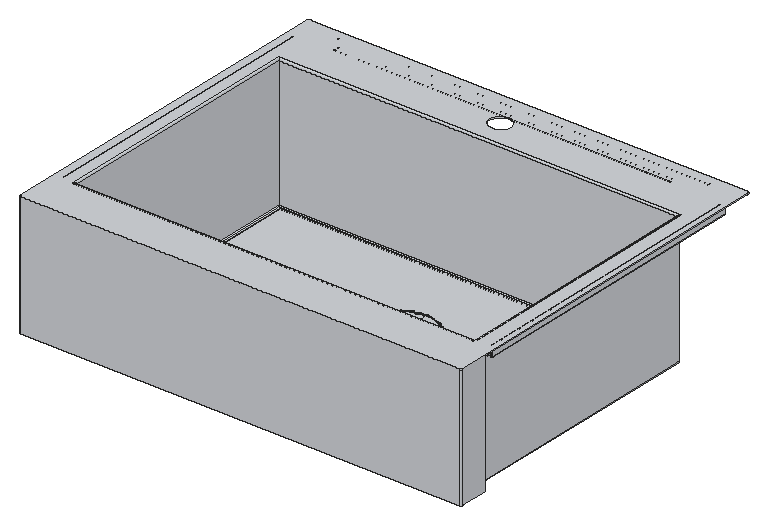
Revit family "Sink-Kitchen-KOHLER-Vault-K-3935", category Plumbing Fixtures, host Face, Revit 2015
Parameters (values of type "Single Hole,NA-Stainless")
  Width = 24 5/16"  # constant formula
  WaterSense Certified = 1 = 0  # no
  Waste Water Outlet = "Waste Water Outlet"  # constant formula
  Waste Connection = 1 = 1  # yes
  Vent Connection = 1 = 0  # no
  URL = "https://www.us.kohler.com/us/"
  Type = 1
  Single Hole = Type = 1  # yes
  Product Page URL = "http://www.us.kohler.com/us/catalog/productDetails.jsp?productNumber=3935-1"
  Product Name = "Vault"  # constant formula
  Product Documentation Link = "https://www.us.kohler.com/webassets/kpna/catalog/pdf/en/K-3935-1_spec.pdf"
  Model = if(Type = 1, "K-3935-1-NA", if(Type = 2, "K-3935-3-NA", if(Type = 3, "K-3935-4-NA", "NA")))  # "K-3935-1-NA"
  Material = "18-gauge stainless steel"  # constant formula
  MasterFormat 2004 = "22.41.16"  # constant formula
  MasterFormat 1995 = "15410"  # constant formula
  Manufacturer Address = "444 Highland Dr, Kohler, WI 53044"  # constant formula
  Manufacturer = "KOHLER Co."  # constant formula
  Length = 29 3/4"  # constant formula
  Hot Water Inlet = "Hot Water Inlet"  # constant formula
  Height = 9 5/16"  # constant formula
  HW Connection = 1 = 0  # no
  Fourth Hole Distance = if([4_Hole], 6 1/8", 0")  # 0"
  Finish = Kohler-Metal-NA-Stainless
  Faucet  Hole Spacing = if(Single Hole, 0", 8")  # 0"
  Environmental Product Declaration = ""
  Drain Included = 1 = 0  # no
  Description = "29-3/4 inch x 24-5/16 inch x 9-5/16 inch Self-Trimming top-mount single-bowl stainless steel apron-front kitchen sink for 30inch cabinet"  # constant formula
  Default Elevation = 36"
  Declare Label = ""
  Date Modified = "04/23/2019"  # constant formula
  Date Created = "04/23/2019"  # constant formula
  Copyright = "Copyright KOHLER Co."  # constant formula
  Contact Us = "https://www.us.kohler.com/us/static/contact.jsp"
  Cold Water Inlet = "Cold Water Inlet"  # constant formula
  CW Connection = 1 = 0  # no
  Assembly Code = "D2010400"
  ADA Compliant = 1 = 0  # no
  4_Hole = Type = 3  # no
  3_Hole = Type = 2  # no
Reference planes
  plane 1 "Center (Front/Back)": y = 0
  plane 2: z = 0
  plane 3 "Center (Left/Right)": x = 0
  plane 4: x = -377.825
  plane 5: x = 377.825
  plane 6: x = 0
  plane 7: x = 0
  plane 8: x = 0
  plane 9: z = -235.318
  plane 10: z = -208.331
  plane 11: z = 1.219
  plane 12: z = -336.756
  plane 13: y = -287.338
  plane 14: y = -236.538
  plane 15: y = 279.4
  plane 16: y = -338.138
  plane 17: y = 176.212
  plane 18: y = -260.35
  plane 19: y = 217.487
Forms (mm)
  Extrusion 1, void
    sketch origin (0, 931.862, 0) x (1, 0, 0) y (0, 1, 0)
      loop
        line (-377.825, -652.463) -> (-377.825, -1195.983) -> (377.825, -1195.983) -> (377.825, -652.463) -> (-377.825, -652.463)
    from 0 to -336.756
  Extrusion 2, void
    sketch origin (0, 931.862, 0) x (1, 0, 0) y (0, 0, 1)
      loop
        line (-377.825, -193.091) -> (377.825, -193.091) -> (377.825, 29.159) -> (-377.825, 29.159) -> (-377.825, -193.091)
    from 1189.657 to 1281.785
Dimensions and locks
  plane 11 to plane 10 = 8 1/4"
  "Height": plane 11 to plane 9
  "Length": plane 4 to plane 5
  "Width": plane 16 to plane 15
  plane 19 to plane 15 = 2 7/16"
  "Fourth Hole Distance": plane 7 to plane 6
  plane 3 "Center (Left/Right)" to plane 5 = 14 7/8"
  equal spacing: plane 8, plane 3 "Center (Left/Right)", plane 7
  "Faucet  Hole Spacing": plane 8 to plane 7
  plane 7 to plane 6 = 0"
  plane 1 "Center (Front/Back)" to plane 15 = 11"
  aligned and locked: plane 2 to host face
  aligned and locked: level to host face
Automatic sketch dimensions
  Extrusion 1 sketch curve to plane 4 = 0"
  Extrusion 1 sketch curve to plane 5 = 0"
  plane 15 to Extrusion 1 sketch curve = 0"
  Extrusion 1 sketch curve to plane 18 = 19/128"
  Extrusion 2 sketch curve to plane 4 = 0"
  plane 5 to Extrusion 2 sketch curve = 0"
  Extrusion 2 sketch curve to plane 10 = 0.6"
  plane 11 to Extrusion 2 sketch curve = 1.1"
  host sketch curve to host sketch curve = 96"
  host sketch curve to host sketch curve = 61 5/16"
Nested families
  nested 1: "K-3935" at (0, 0, -15.24), type "K-3935"
Connectors
  piping at (0, 0, -336.756), diameter 38.1, driven by "Waste Connection", driven by "Waste Water Outlet"
    settings: on nested 1, index 1, connector inside diameter 24", connector length 0", flow factor 0, pipe flow 0 GPM, pressure drop 0.00 psi, fitting loss kfactor 0, connector angle 0.00°, fixture units 0, engagement length 0", angle of deflection 0.00°, flow configuration 0, flow direction 2, fitting loss method 0, system type 16, joint type 0, gender type 0, connector reference index -1, connector utility 1, adjustable connector no, is connector primary yes, connector description "Waste Water Outlet"
Definition of nested family "K-3935"
  Parameters (values of type "K-3935")
    Material = none
    Distance 2 = if([4hole], 0", 5")  # 0"
    Distance 1 = if(or([3hole], [4hole]), 0", 5")  # 0"
    4hole = yes
    3hole = no
  Reference planes
    plane 1 "Center (Front/Back)": y = 0
    plane 2: z = 0
    plane 3 "Center (Left/Right)": x = 0
    plane 4: x = 377.825
    plane 5: y = 279.4
    plane 6: y = -338.138
    plane 7: y = 217.487
    plane 8: z = 16.459
    plane 9: z = -220.078
    plane 10: y = -260.35
    plane 11: y = 176.212
    plane 12: y = -287.338
    plane 13: z = -193.091
    plane 14: x = -377.825
    plane 15: x = -101.6
    plane 16: x = 101.6
    plane 17: x = 257.175
    plane 18: y = 217.487
    plane 19: y = 217.487
    plane 20: z = -321.516
    plane 21: z = 15.24
  Forms (mm)
    Sweep 1, solid, material <- "Material", detail levels medium+fine
      path origin (0, 0, 0) x (1, 0, 0) y (0, 1, 0)
        loop
          line (340.955, 170.51) -> (-341.162, 170.51) -> (-341.162, -263.497) -> (340.955, -263.497) -> (340.955, 170.51)
      profile origin (-0.104, 170.51, 0) x (0, -1, 0) y (0, 0, 1)
        loop
          arc (0, 13.681) -> (-0.814, 15.646) -> (-2.778, 16.459) r 2.778
          line (-2.778, 16.459) -> (-8.849, 16.459) -> (-8.849, 15.24) -> (-2.82, 15.24)
          arc (-2.82, 15.24) -> (-1.688, 14.771) -> (-1.219, 13.639) r 1.601
          line (-1.219, 13.639) -> (-1.219, -208.097)
          arc (-1.219, -208.097) -> (-0.633, -209.511) -> (0.781, -210.097) r 2.001
          line (0.781, -210.097) -> (5.702, -210.097) -> (5.702, -208.875) -> (1.587, -208.875)
          arc (1.587, -208.875) -> (0.465, -208.411) -> (0, -207.288) r 1.587
          line (0, -207.288) -> (0, 13.681)
    Extrusion 2, solid, material <- "Material", detail levels medium+fine
      sketch origin (0, 0, 0) x (1, 0, 0) y (0, 1, 0)
        loop
          line (346.657, 179.359) -> (-346.865, 179.359) -> (-346.865, -269.199) -> (346.657, -269.199) -> (346.657, 179.359)
        loop
          arc (375.047, -338.138) -> (377.011, -337.324) -> (377.825, -335.359) r 2.778
          line (377.825, -335.359) -> (377.825, 273.05)
          arc (377.825, 273.05) -> (375.965, 277.54) -> (371.475, 279.4) r 6.35
          line (371.475, 279.4) -> (-371.475, 279.4)
          arc (-371.475, 279.4) -> (-375.965, 277.54) -> (-377.825, 273.05) r 6.35
          line (-377.825, 273.05) -> (-377.825, -335.359)
          arc (-377.825, -335.359) -> (-377.011, -337.324) -> (-375.047, -338.138) r 2.778
          line (-375.047, -338.138) -> (375.047, -338.138)
      from 15.24 to 16.459
    Revolve 3, void
      sketch origin (0, 0, 0) x (0, 1, 0) y (0, 0, 1)
        loop
          line (51.805, -220.078) -> (59.474, -209.901)
          arc (59.474, -209.901) -> (60.382, -209.146) -> (61.53, -208.875) r 2.574
          line (61.53, -208.875) -> (66.534, -208.875) -> (66.534, -197.726) -> (0, -197.726) -> (0, -220.078) -> (51.805, -220.078)
        axis (0, -220.078) -> (0, -197.726)
      angle from 0 to 360
    Blend 4, solid, material <- "Material", detail levels medium+fine
      base sketch origin (0, 0, 0) x (1, 0, 0) y (0, 1, 0)
        loop
          line (-335.46, 164.808) -> (-335.46, -257.794) -> (335.252, -257.794) -> (335.252, 164.808) -> (-335.46, 164.808)
      top sketch origin (0, 0, 0) x (1, 0, 0) y (0, 1, 0)
        loop
          arc (-56.242, 35.548) -> (-66.511, -1.765) -> (-54.277, -38.481) r 66.534
          arc (-54.277, -38.481) -> (2.88, -66.472) -> (57.402, -33.643) r 66.534
          arc (57.402, -33.643) -> (66.533, 0.403) -> (56.99, 34.335) r 66.534
          arc (56.99, 34.335) -> (0.713, 66.53) -> (-56.242, 35.548) r 66.534
      from -208.875 to -220.078
    Revolve 5, solid, material <- "Material", detail levels medium+fine
      sketch origin (0, 0, 0) x (0, 1, 0) y (0, 0, 1)
        loop
          line (0, -321.516) -> (19.05, -321.516) -> (19.05, -292.405) -> (23.236, -292.405)
          arc (23.236, -292.405) -> (24.766, -291.771) -> (25.4, -290.241) r 2.164
          line (25.4, -290.241) -> (25.4, -260.387) -> (63.555, -260.387)
          arc (63.555, -260.387) -> (65.662, -259.515) -> (66.534, -257.408) r 2.979
          line (66.534, -257.408) -> (66.534, -220.078) -> (52.312, -220.078) -> (52.312, -255.414) -> (0, -255.414) -> (0, -321.516)
        axis (0, -220.078) -> (0, -321.516)
      angle from 0 to 360
    Revolve 6, solid, detail levels medium+fine
      sketch origin (0, 0, 0) x (0, 1, 0) y (0, 0, 1)
        loop
          arc (39.465, -212.567) -> (40.386, -210.57) -> (42.429, -209.755) r 2.968
          line (42.429, -209.755) -> (44.49, -209.755)
          arc (44.49, -209.755) -> (44.93, -209.315) -> (44.49, -208.875) r 0.44
          line (44.49, -208.875) -> (42.719, -208.875)
          arc (42.719, -208.875) -> (39.918, -209.993) -> (38.656, -212.731) r 4.068
          line (38.656, -212.731) -> (37.85, -228.114)
          arc (37.85, -228.114) -> (37.122, -229.694) -> (35.506, -230.338) r 2.347
          line (35.506, -230.338) -> (3.647, -230.338) -> (3.647, -208.875) -> (6.618, -208.875)
          arc (6.618, -208.875) -> (7.877, -207.823) -> (7.063, -206.398) r 1.279
          arc (7.063, -206.398) -> (3.588, -205.45) -> (0, -205.131) r 20.318
          line (0, -205.131) -> (0, -243.8) -> (42.728, -243.8) -> (42.728, -214.94)
          arc (42.728, -214.94) -> (43.456, -212.987) -> (45.284, -211.986) r 2.984
          line (45.284, -211.986) -> (59.01, -209.994)
          arc (59.01, -209.994) -> (59.49, -209.397) -> (58.929, -208.875) r 0.562
          line (58.929, -208.875) -> (46.339, -208.875)
          arc (46.339, -208.875) -> (45.853, -208.993) -> (45.474, -209.319) r 1.066
          arc (45.474, -209.319) -> (44.927, -209.856) -> (44.232, -210.177) r 2.239
          arc (44.232, -210.177) -> (41.528, -211.976) -> (40.473, -215.047) r 5.063
          line (40.473, -215.047) -> (40.473, -234.726) -> (38.304, -234.726) -> (39.465, -212.567)
        axis (0, -205.131) -> (0, -243.8)
      angle from 0 to 360
    Extrusion 7, void
      sketch origin (0, 0, 0) x (1, 0, 0) y (0, 1, 0)
        loop
          circle (0, 15.858) r 2.381
        loop
          circle (0, 24.197) r 2.381
        loop
          circle (0, 32.527) r 2.381
        loop
          circle (15.858, 0) r 2.381
        loop
          circle (24.197, 0) r 2.381
        loop
          circle (32.527, 0) r 2.381
        loop
          circle (7.237, 31.709) r 2.381
        loop
          circle (14.111, 29.325) r 2.381
        loop
          circle (20.284, 25.427) r 2.381
        loop
          circle (25.462, 20.279) r 2.381
        loop
          circle (29.308, 14.099) r 2.381
        loop
          circle (31.698, 7.228) r 2.381
        loop
          circle (23.033, 7.476) r 2.381
        loop
          circle (13.752, 7.923) r 2.381
        loop
          circle (7.915, 13.734) r 2.381
        loop
          circle (19.583, 14.249) r 2.381
        loop
          circle (14.209, 19.615) r 2.381
        loop
          circle (7.47, 23.038) r 2.381
        loop
          circle (7.237, -31.709) r 2.381
        loop
          circle (14.111, -29.325) r 2.381
        loop
          circle (20.284, -25.427) r 2.381
        loop
          circle (25.462, -20.279) r 2.381
        loop
          circle (29.308, -14.099) r 2.381
        loop
          circle (31.698, -7.228) r 2.381
        loop
          circle (23.033, -7.476) r 2.381
        loop
          circle (13.752, -7.923) r 2.381
        loop
          circle (7.915, -13.734) r 2.381
        loop
          circle (19.583, -14.249) r 2.381
        loop
          circle (14.209, -19.615) r 2.381
        loop
          circle (7.47, -23.038) r 2.381
        loop
          circle (-15.858, 0) r 2.381
        loop
          circle (-24.197, 0) r 2.381
        loop
          circle (-32.527, 0) r 2.381
        loop
          circle (-7.237, 31.709) r 2.381
        loop
          circle (-14.111, 29.325) r 2.381
        loop
          circle (-20.284, 25.427) r 2.381
        loop
          circle (-25.462, 20.279) r 2.381
        loop
          circle (-29.308, 14.099) r 2.381
        loop
          circle (-31.698, 7.228) r 2.381
        loop
          circle (-23.033, 7.476) r 2.381
        loop
          circle (-13.752, 7.923) r 2.381
        loop
          circle (-7.915, 13.734) r 2.381
        loop
          circle (-19.583, 14.249) r 2.381
        loop
          circle (-14.209, 19.615) r 2.381
        loop
          circle (-7.47, 23.038) r 2.381
        loop
          circle (-7.237, -31.709) r 2.381
        loop
          circle (-14.111, -29.325) r 2.381
        loop
          circle (-20.284, -25.427) r 2.381
        loop
          circle (-25.462, -20.279) r 2.381
        loop
          circle (-29.308, -14.099) r 2.381
        loop
          circle (-31.698, -7.228) r 2.381
        loop
          circle (-23.033, -7.476) r 2.381
        loop
          circle (-13.752, -7.923) r 2.381
        loop
          circle (-7.915, -13.734) r 2.381
        loop
          circle (-19.583, -14.249) r 2.381
        loop
          circle (-14.209, -19.615) r 2.381
        loop
          circle (-7.47, -23.038) r 2.381
        loop
          circle (0, -15.858) r 2.381
        loop
          circle (0, -24.197) r 2.381
        loop
          circle (0, -32.527) r 2.381
      from -234.726 to -223.345
    Extrusion 8, solid, material <- "Material", detail levels medium+fine
      sketch origin (55.562, 0, 0) x (1, 0, 0) y (0, 0, 1)
        loop
          line (-416.065, 5.461) -> (-416.874, 5.461) -> (-416.874, 1.432)
          arc (-416.874, 1.432) -> (-415.422, -0.021) -> (-413.969, 1.432) r 1.452
          line (-413.969, 1.432) -> (-413.969, 9.798)
          arc (-413.969, 9.798) -> (-414.023, 10.208) -> (-414.181, 10.589) r 1.586
          line (-414.181, 10.589) -> (-416.472, 14.567)
          arc (-416.472, 14.567) -> (-416.964, 15.06) -> (-417.636, 15.24) r 1.343
          line (-417.636, 15.24) -> (-421.078, 15.24)
          arc (-421.078, 15.24) -> (-421.767, 15.055) -> (-422.271, 14.551) r 1.376
          line (-422.271, 14.551) -> (-424.552, 10.591)
          arc (-424.552, 10.591) -> (-424.71, 10.208) -> (-424.764, 9.797) r 1.591
          line (-424.764, 9.797) -> (-424.764, 1.43)
          arc (-424.764, 1.43) -> (-423.313, -0.022) -> (-421.862, 1.43) r 1.451
          line (-421.862, 1.43) -> (-421.862, 5.461) -> (-422.669, 5.461) -> (-422.669, 1.455)
          arc (-422.669, 1.455) -> (-423.335, 0.788) -> (-424.002, 1.455) r 0.667
          line (-424.002, 1.455) -> (-424.002, 9.592)
          arc (-424.002, 9.592) -> (-423.948, 10.004) -> (-423.79, 10.387) r 1.593
          line (-423.79, 10.387) -> (-421.658, 14.088)
          arc (-421.658, 14.088) -> (-421.373, 14.374) -> (-420.984, 14.478) r 0.778
          line (-420.984, 14.478) -> (-417.773, 14.478)
          arc (-417.773, 14.478) -> (-417.363, 14.368) -> (-417.064, 14.068) r 0.818
          line (-417.064, 14.068) -> (-414.941, 10.382)
          arc (-414.941, 10.382) -> (-414.785, 10.004) -> (-414.731, 9.598) r 1.572
          line (-414.731, 9.598) -> (-414.731, 1.436)
          arc (-414.731, 1.436) -> (-415.398, 0.769) -> (-416.065, 1.436) r 0.667
          line (-416.065, 1.436) -> (-416.065, 5.461)
      from -231.267 to 264.033
    Extrusion 9, solid, material <- "Material", detail levels medium+fine
      sketch origin (-52.387, 0, 0) x (1, 0, 0) y (0, 0, 1)
        loop
          line (416.065, 5.461) -> (416.065, 1.435)
          arc (416.065, 1.435) -> (415.398, 0.768) -> (414.731, 1.435) r 0.667
          line (414.731, 1.435) -> (414.731, 9.6)
          arc (414.731, 9.6) -> (414.784, 10.004) -> (414.94, 10.381) r 1.564
          line (414.94, 10.381) -> (417.076, 14.089)
          arc (417.076, 14.089) -> (417.36, 14.374) -> (417.749, 14.478) r 0.777
          line (417.749, 14.478) -> (420.982, 14.478)
          arc (420.982, 14.478) -> (421.373, 14.373) -> (421.659, 14.087) r 0.782
          line (421.659, 14.087) -> (423.793, 10.382)
          arc (423.793, 10.382) -> (423.949, 10.004) -> (424.002, 9.598) r 1.57
          line (424.002, 9.598) -> (424.002, 1.439)
          arc (424.002, 1.439) -> (423.335, 0.772) -> (422.669, 1.439) r 0.667
          line (422.669, 1.439) -> (422.669, 5.461) -> (421.852, 5.461) -> (421.852, 1.45)
          arc (421.852, 1.45) -> (423.308, -0.006) -> (424.764, 1.45) r 1.456
          line (424.764, 1.45) -> (424.764, 9.762)
          arc (424.764, 9.762) -> (424.706, 10.206) -> (424.535, 10.621) r 1.721
          line (424.535, 10.621) -> (422.235, 14.614)
          arc (422.235, 14.614) -> (421.777, 15.072) -> (421.151, 15.24) r 1.251
          line (421.151, 15.24) -> (417.645, 15.24)
          arc (417.645, 15.24) -> (416.965, 15.058) -> (416.467, 14.559) r 1.36
          line (416.467, 14.559) -> (414.177, 10.583)
          arc (414.177, 10.583) -> (414.022, 10.208) -> (413.969, 9.805) r 1.558
          line (413.969, 9.805) -> (413.969, 1.452)
          arc (413.969, 1.452) -> (415.421, 0) -> (416.872, 1.452) r 1.452
          line (416.872, 1.452) -> (416.872, 5.461) -> (416.065, 5.461)
      from -231.267 to 264.033
    Extrusion 10, solid, material <- "Material", detail levels medium+fine
      sketch origin (0, 0, 0) x (0, 1, 0) y (0, 0, 1)
        loop
          line (259.298, 14.569) -> (257.003, 10.585)
          arc (257.003, 10.585) -> (256.847, 10.208) -> (256.794, 9.803) r 1.567
          line (256.794, 9.803) -> (256.794, 1.445)
          arc (256.794, 1.445) -> (258.237, 0.002) -> (259.679, 1.445) r 1.443
          line (259.679, 1.445) -> (259.679, 5.461) -> (258.89, 5.461) -> (258.89, 1.436)
          arc (258.89, 1.436) -> (258.223, 0.769) -> (257.556, 1.436) r 0.667
          line (257.556, 1.436) -> (257.556, 9.619)
          arc (257.556, 9.619) -> (257.607, 10.005) -> (257.755, 10.364) r 1.494
          line (257.755, 10.364) -> (259.905, 14.097)
          arc (259.905, 14.097) -> (260.184, 14.376) -> (260.564, 14.478) r 0.761
          line (260.564, 14.478) -> (263.796, 14.478)
          arc (263.796, 14.478) -> (264.196, 14.371) -> (264.489, 14.077) r 0.8
          line (264.489, 14.077) -> (266.626, 10.367)
          arc (266.626, 10.367) -> (266.776, 10.005) -> (266.827, 9.616) r 1.506
          line (266.827, 9.616) -> (266.827, 1.435)
          arc (266.827, 1.435) -> (266.16, 0.769) -> (265.494, 1.435) r 0.667
          line (265.494, 1.435) -> (265.494, 5.461) -> (264.679, 5.461) -> (264.679, 1.432)
          arc (264.679, 1.432) -> (266.134, -0.022) -> (267.589, 1.432) r 1.455
          line (267.589, 1.432) -> (267.589, 9.795)
          arc (267.589, 9.795) -> (267.535, 10.207) -> (267.376, 10.592) r 1.597
          line (267.376, 10.592) -> (265.076, 14.585)
          arc (265.076, 14.585) -> (264.597, 15.064) -> (263.943, 15.24) r 1.308
          line (263.943, 15.24) -> (260.458, 15.24)
          arc (260.458, 15.24) -> (259.788, 15.06) -> (259.298, 14.569) r 1.339
      from -317.863 to 320.212
    Extrusion 11, void
      sketch origin (0, 0, 0) x (1, 0, 0) y (0, 1, 0)
        loop
          circle (0, 217.487) r 18.23
      from -20.699 to 47.47
    Extrusion 12, void
      sketch origin (0, 0, 0) x (1, 0, 0) y (0, 1, 0)
        loop
          circle (257.175, 217.487) r 18.23
      from -20.699 to 47.47
    Extrusion 13, void
      sketch origin (0, 0, 0) x (1, 0, 0) y (0, 1, 0)
        loop
          circle (-101.6, 217.487) r 18.23
        loop
          circle (101.6, 217.487) r 18.23
      from -20.699 to 47.47
    Extrusion 14, solid, material <- "Material", detail levels coarse
      sketch origin (0, 0, 0) x (1, 0, 0) y (0, 1, 0)
        loop
          line (376.359, 279.4) -> (-376.359, 279.4) -> (-376.359, -338.138) -> (376.359, -338.138) -> (376.359, 279.4)
        loop
          line (342.174, 176.174) -> (-342.381, 176.174) -> (-342.381, -260.312) -> (342.174, -260.312) -> (342.174, 176.174)
      from 15.24 to 16.459
    Extrusion 15, solid, material <- "Material", detail levels coarse
      sketch origin (0, 0, 0) x (1, 0, 0) y (0, 1, 0)
        loop
          line (-342.381, 176.174) -> (-342.381, -260.312) -> (342.174, -260.312) -> (342.174, 176.174) -> (-342.381, 176.174)
        loop
          line (-350.117, 179.945) -> (-350.117, -264.082) -> (347.853, -264.082) -> (347.853, 179.945) -> (-350.117, 179.945)
      from 15.24 to -220.078
    Extrusion 16, solid, material <- "Material", detail levels coarse
      sketch origin (0, 0, 0) x (1, 0, 0) y (0, 1, 0)
        loop
          line (-342.381, 179.945) -> (-342.381, -264.082) -> (347.853, -264.082) -> (347.853, 179.945) -> (-342.381, 179.945)
      from -220.078 to -208.875
    Extrusion 17, void
      sketch origin (0, 0, 0) x (1, 0, 0) y (0, 1, 0)
        loop
          circle (0, 0) r 59.603
      from -225.212 to -171.773
    Extrusion 18, solid, material <- "Material", detail levels coarse
      sketch origin (0, 0, 0) x (1, 0, 0) y (0, 1, 0)
        loop
          circle (0, 0) r 59.603
      from -321.516 to -220.078
    Extrusion 19, solid, material <- "Material", detail levels coarse
      sketch origin (0, 0, 0) x (0, 1, 0) y (0, 0, 1)
        loop
          line (-338.138, 15.24) -> (-338.138, -193.091) -> (-287.338, -193.091) -> (-287.338, 15.24) -> (-338.138, 15.24)
      from -376.359 to 376.359
    Extrusion 20, solid, material <- "Material", detail levels medium+fine
      sketch origin (0, 0, 0) x (1, 0, 0) y (0, 1, 0)
        loop
          line (-377.825, -287.338) -> (-377.825, -335.359)
          arc (-377.825, -335.359) -> (-377.011, -337.324) -> (-375.047, -338.138) r 2.778
          line (-375.047, -338.138) -> (375.047, -338.138)
          arc (375.047, -338.138) -> (377.011, -337.324) -> (377.825, -335.359) r 2.778
          line (377.825, -335.359) -> (377.825, -287.338) -> (-377.825, -287.338)
      from -193.091 to 15.24
  Cuts and joins
    Extrusion 7 cuts Revolve 6
    Extrusion 13 cuts Sweep 1
    Extrusion 11, Extrusion 12, Extrusion 13 cuts Extrusion 2
    Revolve 3 cuts Blend 4
    joined: Sweep 1, Extrusion 2, Blend 4, Revolve 5, Extrusion 8, Extrusion 9, Extrusion 10, Extrusion 20
    Extrusion 17 cuts Extrusion 16
    joined: Extrusion 14, Extrusion 15, Extrusion 16, Extrusion 18, Extrusion 19
  Lines and regions (mm)
    Masking region 1
      outline origin (0, 0, 0) x (0, 1, 0) y (0, 0, 1)
        loop
          arc (-336.435, 16.459) -> (-337.639, 15.961) -> (-338.138, 14.757) r 1.702
          line (-338.138, 14.757) -> (-338.138, -190.313)
          arc (-338.138, -190.313) -> (-337.324, -192.277) -> (-335.359, -193.091) r 2.778
          line (-335.359, -193.091) -> (-290.121, -193.091)
          arc (-290.121, -193.091) -> (-288.153, -192.276) -> (-287.338, -190.307) r 2.783
          line (-287.338, -190.307) -> (-287.338, 14.1)
          arc (-287.338, 14.1) -> (-287.004, 14.906) -> (-286.197, 15.24) r 1.14
          line (-286.197, 15.24) -> (-261.441, 15.24)
          arc (-261.441, 15.24) -> (-260.67, 14.92) -> (-260.35, 14.149) r 1.091
          line (-260.35, 14.149) -> (-260.35, -208.204)
          arc (-260.35, -208.204) -> (-259.751, -209.699) -> (-258.286, -210.369) r 2.168
          line (-258.286, -210.369) -> (-67.495, -219.524) -> (-66.534, -220.078) -> (-66.534, -257.382)
          arc (-66.534, -257.382) -> (-65.654, -259.507) -> (-63.529, -260.387) r 3.005
          line (-63.529, -260.387) -> (-25.4, -260.387) -> (-25.4, -290.287)
          arc (-25.4, -290.287) -> (-24.78, -291.784) -> (-23.282, -292.405) r 2.118
          line (-23.282, -292.405) -> (-19.05, -292.405) -> (-19.05, -321.516) -> (19.05, -321.516) -> (19.05, -292.405) -> (23.282, -292.405)
          arc (23.282, -292.405) -> (24.78, -291.784) -> (25.4, -290.287) r 2.118
          line (25.4, -290.287) -> (25.4, -260.387) -> (63.529, -260.387)
          arc (63.529, -260.387) -> (65.654, -259.507) -> (66.534, -257.382) r 3.005
          line (66.534, -257.382) -> (66.534, -220.078) -> (67.89, -219.295) -> (174.571, -210.134)
          arc (174.571, -210.134) -> (175.74, -209.559) -> (176.212, -208.345) r 1.795
          line (176.212, -208.345) -> (176.212, 0) -> (231.267, 0) -> (231.267, 15.24) -> (260.458, 15.24)
          arc (260.458, 15.24) -> (259.788, 15.06) -> (259.298, 14.569) r 1.339
          line (259.298, 14.569) -> (257.003, 10.585)
          arc (257.003, 10.585) -> (256.847, 10.208) -> (256.794, 9.803) r 1.567
          line (256.794, 9.803) -> (256.794, 1.445)
          arc (256.794, 1.445) -> (258.237, 0.002) -> (259.679, 1.445) r 1.443
          line (259.679, 1.445) -> (259.679, 5.461) -> (258.89, 5.461) -> (258.89, 1.436)
          arc (258.89, 1.436) -> (258.223, 0.769) -> (257.556, 1.436) r 0.667
          line (257.556, 1.436) -> (257.556, 9.619)
          arc (257.556, 9.619) -> (257.607, 10.005) -> (257.755, 10.364) r 1.494
          line (257.755, 10.364) -> (259.905, 14.097)
          arc (259.905, 14.097) -> (260.184, 14.376) -> (260.564, 14.478) r 0.761
          line (260.564, 14.478) -> (263.796, 14.478)
          arc (263.796, 14.478) -> (264.196, 14.371) -> (264.489, 14.077) r 0.8
          line (264.489, 14.077) -> (266.626, 10.367)
          arc (266.626, 10.367) -> (266.776, 10.005) -> (266.827, 9.616) r 1.506
          line (266.827, 9.616) -> (266.827, 1.435)
          arc (266.827, 1.435) -> (266.16, 0.769) -> (265.494, 1.435) r 0.667
          line (265.494, 1.435) -> (265.494, 5.461) -> (264.679, 5.461) -> (264.679, 1.432)
          arc (264.679, 1.432) -> (266.134, -0.022) -> (267.589, 1.432) r 1.455
          line (267.589, 1.432) -> (267.589, 9.795)
          arc (267.589, 9.795) -> (267.535, 10.207) -> (267.376, 10.592) r 1.597
          line (267.376, 10.592) -> (265.076, 14.585)
          arc (265.076, 14.585) -> (264.597, 15.064) -> (263.943, 15.24) r 1.308
          line (263.943, 15.24) -> (279.4, 15.24) -> (279.4, 16.459) -> (-336.435, 16.459)
    Masking region 2
      outline origin (0, 0, 0) x (1, 0, 0) y (0, 0, 1)
        loop
          line (377.825, 16.459) -> (-377.825, 16.459) -> (-377.825, -193.091) -> (-342.532, -193.091) -> (-342.532, -208.097)
          arc (-342.532, -208.097) -> (-341.967, -209.49) -> (-340.592, -210.097) r 2.001
          line (-340.592, -210.097) -> (-70.155, -218.298) -> (-66.534, -220.078) -> (-66.534, -257.027)
          arc (-66.534, -257.027) -> (-65.55, -259.403) -> (-63.174, -260.387) r 3.361
          line (-63.174, -260.387) -> (-25.4, -260.387) -> (-25.4, -290.211)
          arc (-25.4, -290.211) -> (-24.757, -291.762) -> (-23.206, -292.405) r 2.194
          line (-23.206, -292.405) -> (-19.05, -292.405) -> (-19.05, -321.516) -> (19.05, -321.516) -> (19.05, -292.405) -> (23.206, -292.405)
          arc (23.206, -292.405) -> (24.757, -291.762) -> (25.4, -290.211) r 2.194
          line (25.4, -290.211) -> (25.4, -260.387) -> (63.174, -260.387)
          arc (63.174, -260.387) -> (65.55, -259.403) -> (66.534, -257.027) r 3.361
          line (66.534, -257.027) -> (66.534, -220.078) -> (70.181, -218.285) -> (340.195, -210.097)
          arc (340.195, -210.097) -> (341.57, -209.49) -> (342.135, -208.097) r 2.001
          line (342.135, -208.097) -> (342.135, -193.091) -> (377.825, -193.091) -> (377.825, 16.459)
    Masking region 3
      outline origin (0, 0, 0) x (1, 0, 0) y (0, 1, 0)
        loop
          arc (-371.475, 279.4) -> (-375.965, 277.54) -> (-377.825, 273.05) r 6.35
          line (-377.825, 273.05) -> (-377.825, -335.353)
          arc (-377.825, -335.353) -> (-377.009, -337.322) -> (-375.041, -338.138) r 2.784
          line (-375.041, -338.138) -> (375.029, -338.138)
          arc (375.029, -338.138) -> (377.006, -337.319) -> (377.825, -335.342) r 2.796
          line (377.825, -335.342) -> (377.825, 273.05)
          arc (377.825, 273.05) -> (375.965, 277.54) -> (371.475, 279.4) r 6.35
          line (371.475, 279.4) -> (-371.475, 279.4)
    symbolic lines, detail levels medium+fine
      curve 1: line (0, 263.943, 15.24) -> (0, 260.458, 15.24)
      curve 2: line (0, 231.267, 15.24) -> (0, -265.807, 15.24)
      curve 3: line (0, -260.35, 0) -> (0, 176.212, 0)
      curve 4: line (0, 66.534, -220.078) -> (0, -66.534, -220.078)
      curve 5: line (0, -67.495, -219.524) -> (0, 67.89, -219.295)
      curve 6: line (0, 25.4, -260.387) -> (0, -25.4, -260.387)
      curve 7: line (0, 19.05, -292.405) -> (0, -19.05, -292.405)
      curve 8: line (-66.534, 0, -220.078) -> (66.534, 0, -220.078)
      curve 9: line (-70.155, 0, -218.298) -> (70.178, 0, -218.287)
      curve 10: line (-25.4, 0, -260.387) -> (25.4, 0, -260.387)
      curve 11: line (-19.05, 0, -292.405) -> (19.05, 0, -292.405)
      curve 12: line (-342.532, 0, -193.091) -> (342.135, 0, -193.091)
      curve 13: circle (0, 0, 0) r 59.603 normal (0, 0, 1)
      curve 14: circle (0, 0, 0) r 44.931 normal (0, 0, 1)
      curve 15: arc (2.381, 32.527, 0) -> (0, 34.909, 0) -> (-2.381, 32.527, 0) r 2.381
      curve 16: arc (-2.381, 32.527, 0) -> (0, 30.146, 0) -> (2.381, 32.527, 0) r 2.381
      curve 17: arc (2.381, 24.197, 0) -> (0, 26.578, 0) -> (-2.381, 24.197, 0) r 2.381
      curve 18: arc (-2.381, 24.197, 0) -> (0, 21.816, 0) -> (2.381, 24.197, 0) r 2.381
      curve 19: arc (2.381, 15.858, 0) -> (0, 18.24, 0) -> (-2.381, 15.858, 0) r 2.381
      curve 20: arc (-2.381, 15.858, 0) -> (0, 13.477, 0) -> (2.381, 15.858, 0) r 2.381
      curve 21: arc (5.088, 23.038, 0) -> (7.47, 20.657, 0) -> (9.851, 23.038, 0) r 2.381
      curve 22: arc (9.851, 23.038, 0) -> (7.47, 25.419, 0) -> (5.088, 23.038, 0) r 2.381
      curve 23: arc (4.856, 31.709, 0) -> (7.237, 29.327, 0) -> (9.618, 31.709, 0) r 2.381
      curve 24: arc (9.618, 31.709, 0) -> (7.237, 34.09, 0) -> (4.856, 31.709, 0) r 2.381
      curve 25: arc (16.492, 29.325, 0) -> (14.111, 31.706, 0) -> (11.73, 29.325, 0) r 2.381
      curve 26: arc (11.73, 29.325, 0) -> (14.111, 26.944, 0) -> (16.492, 29.325, 0) r 2.381
      curve 27: arc (16.59, 19.615, 0) -> (14.209, 21.996, 0) -> (11.828, 19.615, 0) r 2.381
      curve 28: arc (11.828, 19.615, 0) -> (14.209, 17.234, 0) -> (16.59, 19.615, 0) r 2.381
      curve 29: arc (10.296, 13.734, 0) -> (7.915, 16.116, 0) -> (5.534, 13.734, 0) r 2.381
      curve 30: arc (5.534, 13.734, 0) -> (7.915, 11.353, 0) -> (10.296, 13.734, 0) r 2.381
      curve 31: arc (17.903, 25.427, 0) -> (20.284, 23.045, 0) -> (22.666, 25.427, 0) r 2.381
      curve 32: arc (22.666, 25.427, 0) -> (20.284, 27.808, 0) -> (17.903, 25.427, 0) r 2.381
      curve 33: arc (27.843, 20.279, 0) -> (25.462, 22.66, 0) -> (23.081, 20.279, 0) r 2.381
      curve 34: arc (23.081, 20.279, 0) -> (25.462, 17.898, 0) -> (27.843, 20.279, 0) r 2.381
      curve 35: arc (21.965, 14.249, 0) -> (19.583, 16.63, 0) -> (17.202, 14.249, 0) r 2.381
      curve 36: arc (17.202, 14.249, 0) -> (19.583, 11.867, 0) -> (21.965, 14.249, 0) r 2.381
      curve 37: arc (16.133, 7.923, 0) -> (13.752, 10.304, 0) -> (11.371, 7.923, 0) r 2.381
      curve 38: arc (11.371, 7.923, 0) -> (13.752, 5.542, 0) -> (16.133, 7.923, 0) r 2.381
      curve 39: arc (25.414, 7.476, 0) -> (23.033, 9.858, 0) -> (20.651, 7.476, 0) r 2.381
      curve 40: arc (20.651, 7.476, 0) -> (23.033, 5.095, 0) -> (25.414, 7.476, 0) r 2.381
      curve 41: arc (26.926, 14.099, 0) -> (29.308, 11.718, 0) -> (31.689, 14.099, 0) r 2.381
      curve 42: arc (31.689, 14.099, 0) -> (29.308, 16.48, 0) -> (26.926, 14.099, 0) r 2.381
      curve 43: arc (34.079, 7.228, 0) -> (31.698, 9.609, 0) -> (29.317, 7.228, 0) r 2.381
      curve 44: arc (29.317, 7.228, 0) -> (31.698, 4.847, 0) -> (34.079, 7.228, 0) r 2.381
      curve 45: arc (32.527, 2.381, 0) -> (30.146, 0, 0) -> (32.527, -2.381, 0) r 2.381
      curve 46: arc (32.527, -2.381, 0) -> (34.909, 0, 0) -> (32.527, 2.381, 0) r 2.381
      curve 47: arc (24.197, 2.381, 0) -> (21.816, 0, 0) -> (24.197, -2.381, 0) r 2.381
      curve 48: arc (24.197, -2.381, 0) -> (26.578, 0, 0) -> (24.197, 2.381, 0) r 2.381
      curve 49: arc (15.858, 2.381, 0) -> (13.477, 0, 0) -> (15.858, -2.381, 0) r 2.381
      curve 50: arc (15.858, -2.381, 0) -> (18.24, 0, 0) -> (15.858, 2.381, 0) r 2.381
      curve 51: arc (5.088, -23.038, 0) -> (7.47, -20.657, 0) -> (9.851, -23.038, 0) r 2.381
      curve 52: arc (9.851, -23.038, 0) -> (7.47, -25.419, 0) -> (5.088, -23.038, 0) r 2.381
      curve 53: arc (4.856, -31.709, 0) -> (7.237, -29.327, 0) -> (9.618, -31.709, 0) r 2.381
      curve 54: arc (9.618, -31.709, 0) -> (7.237, -34.09, 0) -> (4.856, -31.709, 0) r 2.381
      curve 55: arc (16.492, -29.325, 0) -> (14.111, -31.706, 0) -> (11.73, -29.325, 0) r 2.381
      curve 56: arc (11.73, -29.325, 0) -> (14.111, -26.944, 0) -> (16.492, -29.325, 0) r 2.381
      curve 57: arc (16.59, -19.615, 0) -> (14.209, -21.996, 0) -> (11.828, -19.615, 0) r 2.381
      curve 58: arc (11.828, -19.615, 0) -> (14.209, -17.234, 0) -> (16.59, -19.615, 0) r 2.381
      curve 59: arc (10.296, -13.734, 0) -> (7.915, -16.116, 0) -> (5.534, -13.734, 0) r 2.381
      curve 60: arc (5.534, -13.734, 0) -> (7.915, -11.353, 0) -> (10.296, -13.734, 0) r 2.381
      curve 61: arc (17.903, -25.427, 0) -> (20.284, -23.045, 0) -> (22.666, -25.427, 0) r 2.381
      curve 62: arc (22.666, -25.427, 0) -> (20.284, -27.808, 0) -> (17.903, -25.427, 0) r 2.381
      curve 63: arc (27.843, -20.279, 0) -> (25.462, -22.66, 0) -> (23.081, -20.279, 0) r 2.381
      curve 64: arc (23.081, -20.279, 0) -> (25.462, -17.898, 0) -> (27.843, -20.279, 0) r 2.381
      curve 65: arc (21.965, -14.249, 0) -> (19.583, -16.63, 0) -> (17.202, -14.249, 0) r 2.381
      curve 66: arc (17.202, -14.249, 0) -> (19.583, -11.867, 0) -> (21.965, -14.249, 0) r 2.381
      curve 67: arc (16.133, -7.923, 0) -> (13.752, -10.304, 0) -> (11.371, -7.923, 0) r 2.381
      curve 68: arc (11.371, -7.923, 0) -> (13.752, -5.542, 0) -> (16.133, -7.923, 0) r 2.381
      curve 69: arc (25.414, -7.476, 0) -> (23.033, -9.858, 0) -> (20.651, -7.476, 0) r 2.381
      curve 70: arc (20.651, -7.476, 0) -> (23.033, -5.095, 0) -> (25.414, -7.476, 0) r 2.381
      curve 71: arc (26.926, -14.099, 0) -> (29.308, -11.718, 0) -> (31.689, -14.099, 0) r 2.381
      curve 72: arc (31.689, -14.099, 0) -> (29.308, -16.48, 0) -> (26.926, -14.099, 0) r 2.381
      curve 73: arc (34.079, -7.228, 0) -> (31.698, -9.609, 0) -> (29.317, -7.228, 0) r 2.381
      curve 74: arc (29.317, -7.228, 0) -> (31.698, -4.847, 0) -> (34.079, -7.228, 0) r 2.381
      curve 75: arc (-5.088, 23.038, 0) -> (-7.47, 20.657, 0) -> (-9.851, 23.038, 0) r 2.381
      curve 76: arc (-9.851, 23.038, 0) -> (-7.47, 25.419, 0) -> (-5.088, 23.038, 0) r 2.381
      curve 77: arc (-4.856, 31.709, 0) -> (-7.237, 29.327, 0) -> (-9.618, 31.709, 0) r 2.381
      curve 78: arc (-9.618, 31.709, 0) -> (-7.237, 34.09, 0) -> (-4.856, 31.709, 0) r 2.381
      curve 79: arc (-16.492, 29.325, 0) -> (-14.111, 31.706, 0) -> (-11.73, 29.325, 0) r 2.381
      curve 80: arc (-11.73, 29.325, 0) -> (-14.111, 26.944, 0) -> (-16.492, 29.325, 0) r 2.381
      curve 81: arc (-16.59, 19.615, 0) -> (-14.209, 21.996, 0) -> (-11.828, 19.615, 0) r 2.381
      curve 82: arc (-11.828, 19.615, 0) -> (-14.209, 17.234, 0) -> (-16.59, 19.615, 0) r 2.381
      curve 83: arc (-10.296, 13.734, 0) -> (-7.915, 16.116, 0) -> (-5.534, 13.734, 0) r 2.381
      curve 84: arc (-5.534, 13.734, 0) -> (-7.915, 11.353, 0) -> (-10.296, 13.734, 0) r 2.381
      curve 85: arc (-17.903, 25.427, 0) -> (-20.284, 23.045, 0) -> (-22.666, 25.427, 0) r 2.381
      curve 86: arc (-22.666, 25.427, 0) -> (-20.284, 27.808, 0) -> (-17.903, 25.427, 0) r 2.381
      curve 87: arc (-27.843, 20.279, 0) -> (-25.462, 22.66, 0) -> (-23.081, 20.279, 0) r 2.381
      curve 88: arc (-23.081, 20.279, 0) -> (-25.462, 17.898, 0) -> (-27.843, 20.279, 0) r 2.381
      curve 89: arc (-21.965, 14.249, 0) -> (-19.583, 16.63, 0) -> (-17.202, 14.249, 0) r 2.381
      curve 90: arc (-17.202, 14.249, 0) -> (-19.583, 11.867, 0) -> (-21.965, 14.249, 0) r 2.381
      curve 91: arc (-16.133, 7.923, 0) -> (-13.752, 10.304, 0) -> (-11.371, 7.923, 0) r 2.381
      curve 92: arc (-11.371, 7.923, 0) -> (-13.752, 5.542, 0) -> (-16.133, 7.923, 0) r 2.381
      curve 93: arc (-25.414, 7.476, 0) -> (-23.033, 9.858, 0) -> (-20.651, 7.476, 0) r 2.381
      curve 94: arc (-20.651, 7.476, 0) -> (-23.033, 5.095, 0) -> (-25.414, 7.476, 0) r 2.381
      curve 95: arc (-26.926, 14.099, 0) -> (-29.308, 11.718, 0) -> (-31.689, 14.099, 0) r 2.381
      curve 96: arc (-31.689, 14.099, 0) -> (-29.308, 16.48, 0) -> (-26.926, 14.099, 0) r 2.381
      curve 97: arc (-34.079, 7.228, 0) -> (-31.698, 9.609, 0) -> (-29.317, 7.228, 0) r 2.381
      curve 98: arc (-29.317, 7.228, 0) -> (-31.698, 4.847, 0) -> (-34.079, 7.228, 0) r 2.381
      curve 99: arc (-32.527, 2.381, 0) -> (-30.146, 0, 0) -> (-32.527, -2.381, 0) r 2.381
      curve 100: arc (-32.527, -2.381, 0) -> (-34.909, 0, 0) -> (-32.527, 2.381, 0) r 2.381
      curve 101: arc (-24.197, 2.381, 0) -> (-21.816, 0, 0) -> (-24.197, -2.381, 0) r 2.381
      curve 102: arc (-24.197, -2.381, 0) -> (-26.578, 0, 0) -> (-24.197, 2.381, 0) r 2.381
      curve 103: arc (-15.858, 2.381, 0) -> (-13.477, 0, 0) -> (-15.858, -2.381, 0) r 2.381
      curve 104: arc (-15.858, -2.381, 0) -> (-18.24, 0, 0) -> (-15.858, 2.381, 0) r 2.381
      curve 105: arc (-5.088, -23.038, 0) -> (-7.47, -20.657, 0) -> (-9.851, -23.038, 0) r 2.381
      curve 106: arc (-9.851, -23.038, 0) -> (-7.47, -25.419, 0) -> (-5.088, -23.038, 0) r 2.381
      curve 107: arc (-4.856, -31.709, 0) -> (-7.237, -29.327, 0) -> (-9.618, -31.709, 0) r 2.381
      curve 108: arc (-9.618, -31.709, 0) -> (-7.237, -34.09, 0) -> (-4.856, -31.709, 0) r 2.381
      curve 109: arc (-16.492, -29.325, 0) -> (-14.111, -31.706, 0) -> (-11.73, -29.325, 0) r 2.381
      curve 110: arc (-11.73, -29.325, 0) -> (-14.111, -26.944, 0) -> (-16.492, -29.325, 0) r 2.381
      curve 111: arc (-16.59, -19.615, 0) -> (-14.209, -21.996, 0) -> (-11.828, -19.615, 0) r 2.381
      curve 112: arc (-11.828, -19.615, 0) -> (-14.209, -17.234, 0) -> (-16.59, -19.615, 0) r 2.381
      curve 113: arc (-10.296, -13.734, 0) -> (-7.915, -16.116, 0) -> (-5.534, -13.734, 0) r 2.381
      curve 114: arc (-5.534, -13.734, 0) -> (-7.915, -11.353, 0) -> (-10.296, -13.734, 0) r 2.381
      curve 115: arc (-17.903, -25.427, 0) -> (-20.284, -23.045, 0) -> (-22.666, -25.427, 0) r 2.381
      curve 116: arc (-22.666, -25.427, 0) -> (-20.284, -27.808, 0) -> (-17.903, -25.427, 0) r 2.381
      curve 117: arc (-27.843, -20.279, 0) -> (-25.462, -22.66, 0) -> (-23.081, -20.279, 0) r 2.381
      curve 118: arc (-23.081, -20.279, 0) -> (-25.462, -17.898, 0) -> (-27.843, -20.279, 0) r 2.381
      curve 119: arc (-21.965, -14.249, 0) -> (-19.583, -16.63, 0) -> (-17.202, -14.249, 0) r 2.381
      curve 120: arc (-17.202, -14.249, 0) -> (-19.583, -11.867, 0) -> (-21.965, -14.249, 0) r 2.381
      curve 121: arc (-16.133, -7.923, 0) -> (-13.752, -10.304, 0) -> (-11.371, -7.923, 0) r 2.381
      curve 122: arc (-11.371, -7.923, 0) -> (-13.752, -5.542, 0) -> (-16.133, -7.923, 0) r 2.381
      curve 123: arc (-25.414, -7.476, 0) -> (-23.033, -9.858, 0) -> (-20.651, -7.476, 0) r 2.381
      curve 124: arc (-20.651, -7.476, 0) -> (-23.033, -5.095, 0) -> (-25.414, -7.476, 0) r 2.381
      curve 125: arc (-26.926, -14.099, 0) -> (-29.308, -11.718, 0) -> (-31.689, -14.099, 0) r 2.381
      curve 126: arc (-31.689, -14.099, 0) -> (-29.308, -16.48, 0) -> (-26.926, -14.099, 0) r 2.381
      curve 127: arc (-34.079, -7.228, 0) -> (-31.698, -9.609, 0) -> (-29.317, -7.228, 0) r 2.381
      curve 128: arc (-29.317, -7.228, 0) -> (-31.698, -4.847, 0) -> (-34.079, -7.228, 0) r 2.381
      curve 129: arc (2.381, -32.527, 0) -> (0, -34.909, 0) -> (-2.381, -32.527, 0) r 2.381
      curve 130: arc (-2.381, -32.527, 0) -> (0, -30.146, 0) -> (2.381, -32.527, 0) r 2.381
      curve 131: arc (2.381, -24.197, 0) -> (0, -26.578, 0) -> (-2.381, -24.197, 0) r 2.381
      curve 132: arc (-2.381, -24.197, 0) -> (0, -21.816, 0) -> (2.381, -24.197, 0) r 2.381
      curve 133: arc (2.381, -15.858, 0) -> (0, -18.24, 0) -> (-2.381, -15.858, 0) r 2.381
      curve 134: arc (-2.381, -15.858, 0) -> (0, -13.477, 0) -> (2.381, -15.858, 0) r 2.381
      curve 135: circle (0, 0, 0) r 7.894 normal (0, 0, 1)
      curve 136: circle (0, 217.487, 0) r 18.23 normal (0, 0, 1)
      curve 140: line (-342.381, -260.35, 0) -> (-342.381, 176.174, 0)
      curve 141: line (-342.381, 176.174, 0) -> (342.174, 176.174, 0)
      curve 142: line (342.174, 176.174, 0) -> (342.174, -260.35, 0)
      curve 143: line (342.174, -260.35, 0) -> (-342.381, -260.35, 0)
      curve 144: line (-342.381, 176.174, 0) -> (-49.892, 32.608, 0)
      curve 145: line (342.174, 176.174, 0) -> (50.677, 31.375, 0)
      curve 146: line (51.94, -29.237, 0) -> (342.174, -260.35, 0)
      curve 147: line (-51.94, -29.237, 0) -> (-342.174, -260.35, 0)
      curve 150: line (377.825, 0, 15.24) -> (-377.825, 0, 15.24)
    symbolic lines, visible <- "3hole", detail levels medium+fine
      curve 137: circle (-101.6, 217.487, 0) r 18.23 normal (0, 0, 1)
      curve 138: circle (101.523, 217.487, 0) r 18.23 normal (0, 0, 1)
    symbolic lines, visible <- "4hole", detail levels medium+fine
      curve 139: circle (257.175, 217.487, 0) r 18.23 normal (0, 0, 1)
      curve 148: circle (-101.6, 217.487, 0) r 18.23 normal (0, 0, 1)
      curve 149: circle (101.6, 217.487, 0) r 18.23 normal (0, 0, -1)
  Dimensions and locks
    plane 3 "Center (Left/Right)" to plane 4 = 14 7/8"
    plane 1 "Center (Front/Back)" to plane 5 = 11"
    locked: plane 5 to plane 6 at 617.538
    locked: plane 5 to plane 7 at 61.913
    locked: plane 8 to plane 9 at 236.538
    locked: plane 10 to plane 6 at 77.788
    locked: plane 5 to plane 11 at 103.187
    locked: plane 12 to plane 6 at 50.8
    locked: plane 13 to plane 8 at 209.55
    plane 4 to plane 14 = 29 3/4"
    plane 16 to plane 17 = 6 1/8"
    plane 6 to plane 10 = 3 1/16"
    plane 11 to plane 5 = 4 1/16"
    plane 6 to plane 12 = 2"
    plane 8 to plane 13 = 8 1/4"
    "Distance 1": plane 7 to plane 18
    "Distance 2": plane 19 to plane 7
    aligned and locked: plane 2 to level
    aligned and locked: plane 18 to Extrusion 13 sketch curve  (x2)
    aligned and locked: plane 19 to Extrusion 12 sketch curve
  Automatic sketch dimensions
    plane 11 to Sweep 1 sketch curve = 0.22451"
    Sweep 1 sketch curve to plane 14 = 1.44341"
    plane 10 to Sweep 1 sketch curve = 0.12388"
    Sweep 1 sketch curve to plane 4 = 1.45159"
    Sweep 1 sketch curve to profile plane = 0"
    profile plane to Sweep 1 sketch curve = 0.048"
    Sweep 1 sketch curve to Sweep 1 sketch curve = 0.06138"
    Sweep 1 sketch curve to Sweep 1 sketch curve = 0.00165"  (x2)
    Sweep 1 sketch curve to Sweep 1 sketch curve = 0.23902"
    Sweep 1 sketch curve to profile plane = 0.03076"
    Sweep 1 sketch curve to Sweep 1 sketch curve = 0.03174"
    Sweep 1 sketch curve to Sweep 1 sketch curve = 0.16201"
    Sweep 1 sketch curve to level = 8.27155"
    Sweep 1 sketch curve to Sweep 1 sketch curve = 0.04811"
    level to Sweep 1 sketch curve = 0.53697"
    Extrusion 2 sketch curve to plane 11 = 0.12388"
    Extrusion 2 sketch curve to plane 14 = 1.21891"
    Extrusion 2 sketch curve to plane 4 = 1.22708"
    plane 10 to Extrusion 2 sketch curve = 0.34839"
    Revolve 3 sketch curve to plane 1 "Center (Front/Back)" = 0"  (x2)
    Revolve 3 sketch curve to plane 9 = 0"
    Revolve 3 sketch curve to Revolve 3 sketch curve = 2.03956"
    plane 9 to Revolve 3 sketch curve = 0.4007"
    Revolve 3 sketch curve to Revolve 3 sketch curve = 0.30195"
    Revolve 3 sketch curve to Revolve 3 sketch curve = 0.08094"
    Revolve 3 sketch curve to Revolve 3 sketch curve = 0.197"
    Revolve 3 sketch curve to Revolve 3 sketch curve = 0.061"
    Revolve 3 sketch curve to plane 13 = 0.18249"
    Revolve 3 sketch curve to Revolve 3 sketch curve = 0"
    plane 13 to Revolve 3 sketch curve = 0.51284"
    Blend 4 sketch curve to plane 10 = 0.10062"
    Blend 4 sketch curve to plane 14 = 1.66792"
    plane 11 to Blend 4 sketch curve = 0.44902"
    Blend 4 sketch curve to plane 4 = 1.6761"
    Blend 4 sketch curve to Blend 4 sketch curve = 0"  (x12)
    plane 1 "Center (Front/Back)" to Blend 4 sketch curve = 0"
    Blend 4 sketch curve to plane 3 "Center (Left/Right)" = 0"
    plane 15 to Blend 4 sketch curve = 1.86311"
    plane 15 to Blend 4 sketch curve = 1.78575"
    plane 16 to Blend 4 sketch curve = 1.75628"
    plane 16 to Blend 4 sketch curve = 1.74008"
    plane 1 "Center (Front/Back)" to Blend 4 sketch curve = 1.32451"
    Revolve 5 sketch curve to plane 1 "Center (Front/Back)" = 0"  (x2)
    Revolve 5 sketch curve to plane 9 = 0"
    Revolve 5 sketch curve to plane 1 "Center (Front/Back)" = 3/4"
    Revolve 5 sketch curve to Revolve 5 sketch curve = 0.1648"
    Revolve 5 sketch curve to Revolve 5 sketch curve = 0.0852"
    Revolve 5 sketch curve to Revolve 5 sketch curve = 1.05954"
    Revolve 5 sketch curve to Revolve 5 sketch curve = 0.44263"
    Revolve 5 sketch curve to Revolve 5 sketch curve = 0.11729"
    Revolve 5 sketch curve to plane 9 = 1.39118"
    Revolve 5 sketch curve to Revolve 5 sketch curve = 0.0785"
    Revolve 5 sketch curve to Revolve 5 sketch curve = 1.17534"
    Revolve 5 sketch curve to Revolve 5 sketch curve = 1.14609"
    Revolve 5 sketch curve to Revolve 5 sketch curve = 2.68891"
    Revolve 5 sketch curve to Revolve 5 sketch curve = 1"
    Revolve 6 sketch curve to plane 1 "Center (Front/Back)" = 0"  (x2)
    Revolve 6 sketch curve to plane 1 "Center (Front/Back)" = 0.14357"
    Revolve 6 sketch curve to Revolve 6 sketch curve = 0.11699"
    Revolve 6 sketch curve to plane 9 = 0.40394"
    Revolve 6 sketch curve to Revolve 6 sketch curve = 1.2543"
    Revolve 6 sketch curve to plane 9 = 0.31637"
    Revolve 6 sketch curve to Revolve 6 sketch curve = 0.09229"
    Revolve 6 sketch curve to plane 9 = 0.57668"
    Revolve 6 sketch curve to Revolve 6 sketch curve = 0.11015"
    plane 9 to Revolve 6 sketch curve = 0.28928"
    Revolve 6 sketch curve to Revolve 6 sketch curve = 0.03174"
    plane 9 to Revolve 6 sketch curve = 0.29571"
    Revolve 6 sketch curve to Revolve 6 sketch curve = 0.03184"
    Revolve 6 sketch curve to Revolve 6 sketch curve = 0.03967"
    Revolve 6 sketch curve to Revolve 6 sketch curve = 0.11668"
    Revolve 6 sketch curve to Revolve 6 sketch curve = 0.01142"
    Revolve 6 sketch curve to Revolve 6 sketch curve = 0.08881"
    Revolve 6 sketch curve to Revolve 6 sketch curve = 0.03688"
    Revolve 6 sketch curve to Revolve 6 sketch curve = 0.03287"
    plane 9 to Revolve 6 sketch curve = 0.31859"
    Revolve 6 sketch curve to Revolve 6 sketch curve = 1/32"
    Revolve 6 sketch curve to Revolve 6 sketch curve = 0.11053"
    Revolve 6 sketch curve to Revolve 6 sketch curve = 0.00697"
    Revolve 6 sketch curve to Revolve 6 sketch curve = 0.0728"
    Revolve 6 sketch curve to Revolve 6 sketch curve = 0.49565"
    plane 9 to Revolve 6 sketch curve = 0.39701"
    Revolve 6 sketch curve to Revolve 6 sketch curve = 0.00318"
    Revolve 6 sketch curve to Revolve 6 sketch curve = 0.53"
    Revolve 6 sketch curve to plane 9 = 0.21143"
    Revolve 6 sketch curve to Revolve 6 sketch curve = 0.00511"
    Revolve 6 sketch curve to Revolve 6 sketch curve = 0.00425"
    Revolve 6 sketch curve to Revolve 6 sketch curve = 0.07859"
    Revolve 6 sketch curve to Revolve 6 sketch curve = 0.00869"
    Revolve 6 sketch curve to Revolve 6 sketch curve = 0.00732"
    Revolve 6 sketch curve to Revolve 6 sketch curve = 0.02191"
    plane 9 to Revolve 6 sketch curve = 0.44106"
    Revolve 6 sketch curve to Revolve 6 sketch curve = 0.03395"
    Revolve 6 sketch curve to Revolve 6 sketch curve = 0.05034"
    Revolve 6 sketch curve to Revolve 6 sketch curve = 0.14743"
    Revolve 6 sketch curve to Revolve 6 sketch curve = 0"
    Revolve 6 sketch curve to Revolve 6 sketch curve = 0.13781"
    Revolve 6 sketch curve to Revolve 6 sketch curve = 0.04744"
    plane 1 "Center (Front/Back)" to Extrusion 7 sketch curve = 0"  (x6)
    Extrusion 7 sketch curve to plane 3 "Center (Left/Right)" = 0"  (x6)
    Extrusion 7 sketch curve to plane 3 "Center (Left/Right)" = 0.28492"  (x2)
    Extrusion 7 sketch curve to plane 3 "Center (Left/Right)" = 0.29408"  (x2)
    Extrusion 7 sketch curve to plane 3 "Center (Left/Right)" = 0.31161"  (x2)
    Extrusion 7 sketch curve to Extrusion 7 sketch curve = 0.22982"  (x4)
    Extrusion 7 sketch curve to Extrusion 7 sketch curve = 0.27063"  (x4)
    Extrusion 7 sketch curve to Extrusion 7 sketch curve = 0.26533"  (x4)
    Extrusion 7 sketch curve to Extrusion 7 sketch curve = 0.08292"  (x2)
    Extrusion 7 sketch curve to Extrusion 7 sketch curve = 0.21159"  (x4)
    Extrusion 7 sketch curve to Extrusion 7 sketch curve = 0.24305"  (x4)
    Extrusion 7 sketch curve to Extrusion 7 sketch curve = 0.1358"  (x4)
    Extrusion 7 sketch curve to Extrusion 7 sketch curve = 0.04583"  (x2)
    Extrusion 7 sketch curve to Extrusion 7 sketch curve = 0.20385"  (x4)
    Extrusion 7 sketch curve to Extrusion 7 sketch curve = 0.1514"  (x4)
    Extrusion 7 sketch curve to Extrusion 7 sketch curve = 0.09411"  (x4)
    Extrusion 7 sketch curve to Extrusion 7 sketch curve = 0.03266"  (x2)
    plane 3 "Center (Left/Right)" to Extrusion 7 sketch curve = 0.28492"  (x2)
    plane 3 "Center (Left/Right)" to Extrusion 7 sketch curve = 0.29408"  (x2)
    plane 3 "Center (Left/Right)" to Extrusion 7 sketch curve = 0.31161"  (x2)
    plane 1 "Center (Front/Back)" to Extrusion 7 sketch curve = 0.28458"  (x2)
    plane 1 "Center (Front/Back)" to Extrusion 7 sketch curve = 0.29434"  (x2)
    plane 1 "Center (Front/Back)" to Extrusion 7 sketch curve = 0.31192"  (x2)
    Extrusion 7 sketch curve to Extrusion 7 sketch curve = 0.22881"  (x4)
    Extrusion 7 sketch curve to Extrusion 7 sketch curve = 0.2705"  (x4)
    Extrusion 7 sketch curve to Extrusion 7 sketch curve = 0.26663"  (x4)
    Extrusion 7 sketch curve to Extrusion 7 sketch curve = 0.08362"  (x2)
    Extrusion 7 sketch curve to Extrusion 7 sketch curve = 0.21127"  (x4)
    Extrusion 7 sketch curve to Extrusion 7 sketch curve = 0.24331"  (x4)
    Extrusion 7 sketch curve to Extrusion 7 sketch curve = 0.13477"  (x4)
    Extrusion 7 sketch curve to Extrusion 7 sketch curve = 0.04563"  (x2)
    Extrusion 7 sketch curve to Extrusion 7 sketch curve = 0.20266"  (x4)
    Extrusion 7 sketch curve to Extrusion 7 sketch curve = 0.15349"  (x4)
    Extrusion 7 sketch curve to Extrusion 7 sketch curve = 0.09384"  (x4)
    Extrusion 7 sketch curve to Extrusion 7 sketch curve = 0.03223"  (x2)
    Extrusion 7 sketch curve to plane 1 "Center (Front/Back)" = 0.28458"  (x2)
    Extrusion 7 sketch curve to plane 1 "Center (Front/Back)" = 0.29434"  (x2)
    Extrusion 7 sketch curve to plane 1 "Center (Front/Back)" = 0.31192"  (x2)
    level to Extrusion 8 sketch curve = 0.05628"
    Extrusion 8 sketch curve to plane 14 = 0.3395"
    plane 8 to Extrusion 8 sketch curve = 0.23105"
    Extrusion 8 sketch curve to Extrusion 8 sketch curve = 0.00836"
    Extrusion 8 sketch curve to Extrusion 8 sketch curve = 0.03"
    plane 8 to Extrusion 8 sketch curve = 0.23906"
    Extrusion 8 sketch curve to Extrusion 8 sketch curve = 0.03001"
    Extrusion 8 sketch curve to Extrusion 8 sketch curve = 0.02625"
    Extrusion 8 sketch curve to Extrusion 8 sketch curve = 0.00089"
    Extrusion 8 sketch curve to Extrusion 8 sketch curve = 0.03264"
    Extrusion 8 sketch curve to Extrusion 8 sketch curve = 0.03006"
    plane 8 to Extrusion 8 sketch curve = 0.07515"
    Extrusion 8 sketch curve to Extrusion 8 sketch curve = 0.05978"
    plane 8 to Extrusion 8 sketch curve = 0.09335"
    Extrusion 8 sketch curve to Extrusion 8 sketch curve = 0.02413"
    Extrusion 8 sketch curve to Extrusion 8 sketch curve = 0.02283"
    Extrusion 8 sketch curve to Extrusion 8 sketch curve = 0.00373"
    Extrusion 8 sketch curve to Extrusion 8 sketch curve = 0.12642"
    Extrusion 8 sketch curve to Extrusion 8 sketch curve = 0.00539"
    plane 8 to Extrusion 8 sketch curve = 0.09413"
    Extrusion 8 sketch curve to Extrusion 8 sketch curve = 0.02251"
    Extrusion 8 sketch curve to Extrusion 8 sketch curve = 0.19636"
    plane 8 to Extrusion 8 sketch curve = 0.07448"
    Extrusion 8 sketch curve to Extrusion 8 sketch curve = 0.0233"
    Extrusion 8 sketch curve to Extrusion 8 sketch curve = 0.02248"
    Extrusion 8 sketch curve to Extrusion 8 sketch curve = 0.03187"
    Extrusion 8 sketch curve to Extrusion 8 sketch curve = 0.02945"
    Extrusion 8 sketch curve to Extrusion 8 sketch curve = 0.02532"
    Extrusion 8 sketch curve to Extrusion 8 sketch curve = 0.00093"
    plane 8 to Extrusion 8 sketch curve = 0.23924"
    Extrusion 8 sketch curve to Extrusion 8 sketch curve = 0.00826"
    plane 8 to Extrusion 8 sketch curve = 0.23109"
    Extrusion 8 sketch curve to Extrusion 8 sketch curve = 0.02993"
    level to Extrusion 8 sketch curve = 0.05636"
    Extrusion 8 sketch curve to Extrusion 8 sketch curve = 0.00016"
    Extrusion 8 sketch curve to Extrusion 8 sketch curve = 0.00099"
    Extrusion 8 sketch curve to Extrusion 8 sketch curve = 0.15864"
    Extrusion 8 sketch curve to Extrusion 8 sketch curve = 0.15773"
    Extrusion 8 sketch curve to Extrusion 8 sketch curve = 0.01607"
    Extrusion 8 sketch curve to Extrusion 8 sketch curve = 0.00646"
    Extrusion 9 sketch curve to plane 4 = 0.6395"
    plane 8 to Extrusion 9 sketch curve = 0.23135"
    Extrusion 9 sketch curve to Extrusion 9 sketch curve = 0.00818"
    Extrusion 9 sketch curve to Extrusion 9 sketch curve = 0.03"
    plane 8 to Extrusion 9 sketch curve = 0.23932"
    Extrusion 9 sketch curve to Extrusion 9 sketch curve = 0.03003"
    Extrusion 9 sketch curve to Extrusion 9 sketch curve = 0.02625"
    Extrusion 9 sketch curve to Extrusion 9 sketch curve = 0.0009"
    Extrusion 9 sketch curve to Extrusion 9 sketch curve = 0.03133"
    Extrusion 9 sketch curve to Extrusion 9 sketch curve = 0.03025"
    plane 8 to Extrusion 9 sketch curve = 0.07481"
    Extrusion 9 sketch curve to Extrusion 9 sketch curve = 0.06013"
    plane 8 to Extrusion 9 sketch curve = 0.09332"
    Extrusion 9 sketch curve to Extrusion 9 sketch curve = 0.02396"
    Extrusion 9 sketch curve to Extrusion 9 sketch curve = 0.02242"
    Extrusion 9 sketch curve to Extrusion 9 sketch curve = 0.00408"
    Extrusion 9 sketch curve to Extrusion 9 sketch curve = 0.12729"
    Extrusion 9 sketch curve to Extrusion 9 sketch curve = 0.00667"
    plane 8 to Extrusion 9 sketch curve = 0.09341"
    Extrusion 9 sketch curve to Extrusion 9 sketch curve = 0.02"
    level to Extrusion 9 sketch curve = 0.05709"
    Extrusion 9 sketch curve to Extrusion 9 sketch curve = 0.19605"
    plane 8 to Extrusion 9 sketch curve = 0.07266"
    Extrusion 9 sketch curve to Extrusion 9 sketch curve = 0.02267"
    Extrusion 9 sketch curve to Extrusion 9 sketch curve = 0.02282"
    Extrusion 9 sketch curve to Extrusion 9 sketch curve = 0.03215"
    Extrusion 9 sketch curve to Extrusion 9 sketch curve = 0.02409"
    Extrusion 9 sketch curve to Extrusion 9 sketch curve = 0.02518"
    Extrusion 9 sketch curve to Extrusion 9 sketch curve = 0.00107"
    Extrusion 9 sketch curve to Extrusion 9 sketch curve = 0.00825"
    Extrusion 9 sketch curve to Extrusion 9 sketch curve = 0.02921"
    Extrusion 9 sketch curve to Extrusion 9 sketch curve = 0.00044"
    level to Extrusion 9 sketch curve = 0.05649"
    Extrusion 9 sketch curve to Extrusion 9 sketch curve = 0.00067"
    Extrusion 9 sketch curve to Extrusion 9 sketch curve = 0.15851"
    Extrusion 9 sketch curve to Extrusion 9 sketch curve = 0.15835"
    Extrusion 9 sketch curve to Extrusion 9 sketch curve = 0.16288"
    Extrusion 9 sketch curve to Extrusion 9 sketch curve = 0.00644"
    Extrusion 9 sketch curve to Extrusion 9 sketch curve = 0.01536"
    Extrusion 9 sketch curve to Extrusion 9 sketch curve = 0.00705"
    level to Extrusion 10 sketch curve = 0.05688"
